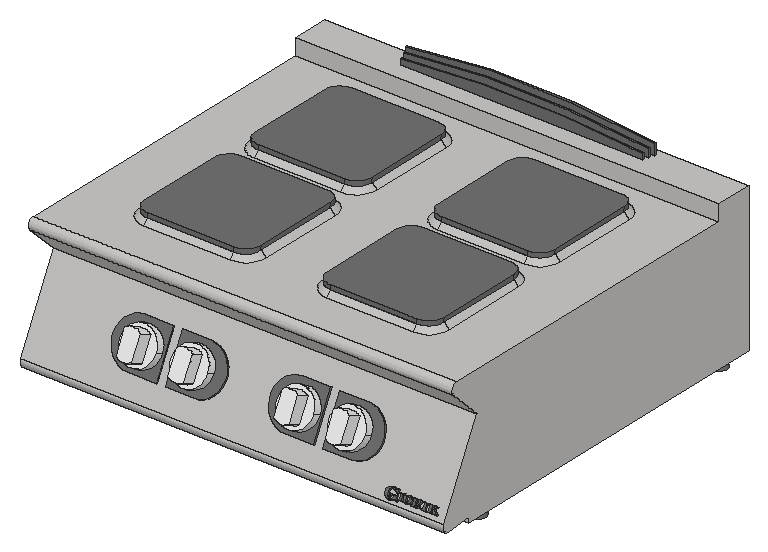
Revit family "QF_GIORIK_CE74QT", category Specialty Equipment, Revit 2014
Parameters (values of type "CE74QT")
  Weight in Pounds = 132.2772
  Watts = 10400 W
  Volts = 400 V
  URL Cutsheet = "www.giorik.com"
  URL = "www.giorik.com"
  Status [instance] = ""
  Specification by User [instance] = ""
  Specification by Manufacturer = ""
  Show Logo [instance] = yes
  Show Clearance [instance] = yes
  Serial Number = ""
  Seismic Rating = ""
  SMACNA No = ""
  Revision Code [instance] = ""
  Phase = 3
  Number of Poles [instance] = 3
  NAFEM Spec ID Number = ""
  Model = "CE74QT"
  Min Ckt Ampacity = 0 A
  Max Overcurrent Protection = 0 A
  Masterspec = ""
  Manufacturer = "GIORIK"
  Item Number [instance] = ""
  Installed By [instance] = ""
  Identify Quantity as Lot [instance] = no
  HP = "13.946608000000"
  Furnished By [instance] = ""
  Foodservice Equipment Identifier [instance] = yes
  FL Amps = 0 A
  Electrical Remarks [instance] = ""
  Electric Connection Type [instance] = ""
  Elec Conn RI Height [instance] = 0 mm
  Elec Conn Connection Height [instance] = 20 mm
  Description = "4 ELECTRIC SQUARE PLATE HOB - COUNTERTOP VERSION"
  Cycle = 50 Hz
  Conn Plug = ""
  CSI MasterFormat = ""
  Assembly Code = "E1090320"
  Apparent Power = 10400 VA
Reference planes
  plane 1 "Back": y = 0
  plane 2: z = 0
  plane 3 "Left": x = 0
  plane 4 "Right": x = 800
  plane 5 "Front": y = -720
  plane 6 "Top": z = 300
Forms (mm)
  Extrusion 1, solid, visible <- "Show Logo"
    sketch origin (591.604, -736.761, 9.486) x (-1, 0, 0) y (0, 0.452718, 0.891654)
      loop
        line (-118.824, 58.358) -> (-127.804, 58.358) -> (-125.523, 56.445) -> (-125.523, 48.027) -> (-127.804, 46.113) -> (-118.824, 46.113) -> (-121.105, 48.027) -> (-121.105, 56.445) -> (-118.824, 58.358)
      loop
        line (-163.721, 58.358) -> (-172.7, 58.358) -> (-170.42, 56.445) -> (-170.42, 48.027) -> (-172.7, 46.113) -> (-163.721, 46.113) -> (-166.001, 48.027) -> (-166.001, 56.445) -> (-163.721, 58.358)
      loop
        line (-174.332, 58.358) -> (-183.312, 58.358) -> (-181.031, 56.445) -> (-181.031, 52.435) -> (-186.419, 56.955) -> (-184.416, 58.358) -> (-191.268, 58.358) -> (-188.01, 56.839) -> (-185.455, 54.283) -> (-190.846, 47.858) -> (-193.396, 46.93) -> (-193.396, 46.113) -> (-184.416, 46.113) -> (-185.437, 47.571) -> (-182.443, 51.552) -> (-181.031, 50.894) -> (-181.031, 48.027) -> (-183.312, 46.113) -> (-174.332, 46.113) -> (-176.613, 48.027) -> (-176.613, 56.445) -> (-174.332, 58.358)
      loop
        line (-115.429, 62.063) -> (-115.429, 54.198)
        arc (-115.429, 54.198) -> (-111.618, 57.803) -> (-106.847, 59.986) r 16.039
        arc (-106.847, 59.986) -> (-103.314, 59.837) -> (-100.512, 57.68) r 5.851
        arc (-100.512, 57.68) -> (-98.815, 52.267) -> (-100.512, 46.853) r 9.479
        arc (-100.512, 46.853) -> (-102.406, 44.986) -> (-104.846, 43.93) r 7.236
        arc (-104.846, 43.93) -> (-107.728, 44.111) -> (-110.052, 45.825) r 5.11
        line (-110.052, 45.825) -> (-110.052, 52.001) -> (-116.141, 52.001) -> (-116.141, 45.503) -> (-117.893, 43.751) -> (-114.094, 44.769)
        arc (-114.094, 44.769) -> (-112.56, 44.947) -> (-111.129, 44.366) r 3.115
        arc (-111.129, 44.366) -> (-104.216, 42.091) -> (-97.303, 44.366) r 11.641
        arc (-97.303, 44.366) -> (-93.396, 52.107) -> (-97.303, 59.849) r 9.622
        arc (-97.303, 59.849) -> (-104.369, 62.174) -> (-111.435, 59.849) r 11.898
        line (-111.435, 59.849) -> (-115.429, 62.063)
      loop
        arc (-129.234, 56.068) -> (-135.893, 58.628) -> (-142.552, 56.068) r 9.941
        arc (-142.552, 56.068) -> (-144.234, 52.286) -> (-142.552, 48.505) r 5.093
        arc (-142.552, 48.505) -> (-135.893, 45.945) -> (-129.234, 48.505) r 9.941
        arc (-129.234, 48.505) -> (-127.552, 52.286) -> (-129.234, 56.068) r 5.093
      loop
        arc (-132.628, 54.403) -> (-135.893, 57.668) -> (-139.158, 54.403) r 3.265
        line (-139.158, 54.403) -> (-139.158, 50.169)
        arc (-139.158, 50.169) -> (-135.893, 46.904) -> (-132.628, 50.169) r 3.265
        line (-132.628, 50.169) -> (-132.628, 54.403)
      loop
        arc (-156.363, 58.365) -> (-159.647, 55.081) -> (-156.363, 51.796) r 3.285
        line (-156.363, 51.796) -> (-159.529, 47.306) -> (-162.087, 46.113) -> (-155.847, 46.113) -> (-153.529, 51.083) -> (-150.637, 51.083) -> (-150.637, 47.784) -> (-153.022, 46.113) -> (-144.011, 46.113) -> (-146.094, 47.68) -> (-146.094, 56.493) -> (-144.229, 58.365) -> (-156.363, 58.365)
      loop
        line (-150.637, 57.512) -> (-153.637, 57.512)
        arc (-153.637, 57.512) -> (-156.237, 54.912) -> (-153.637, 52.312) r 2.6
        line (-153.637, 52.312) -> (-150.637, 52.312) -> (-150.637, 57.512)
      loop
        line (-108.924, 52.001) -> (-104.936, 49.005) -> (-100.948, 52.001) -> (-108.924, 52.001)
    from 1.5 to -0.5
  Extrusion 2, solid
    sketch origin (0, 1000, -620) x (0, 1, 0) y (0, 0, 1)
      loop
        line (-1000, 919.988) -> (-1070, 919.988) -> (-1070, 889.988) -> (-1688.806, 889.988)
        arc (-1688.806, 889.988) -> (-1699.151, 883.075) -> (-1696.724, 870.873) r 11.197
        line (-1696.724, 870.873) -> (-1640.876, 815.025) -> (-1718.948, 661.258)
        arc (-1718.948, 661.258) -> (-1718.233, 650.105) -> (-1708.118, 645.354) r 10.981
        line (-1708.118, 645.354) -> (-1660, 649.925) -> (-1660, 640) -> (-1000, 640) -> (-1000, 919.988)
    from 0 to 800
  Extrusion 3, solid
    sketch origin (-220.755, -963.345, -547.637) x (1, 0, 0) y (0, 0.452718, 0.891654)
      loop
        line (463.221, 676.25) -> (463.221, 766.25) -> (409.698, 766.25)
        arc (409.698, 766.25) -> (364.698, 721.25) -> (409.698, 676.25) r 45
        line (409.698, 676.25) -> (463.221, 676.25)
    from 48 to 50
  Extrusion 4, solid
    sketch origin (553.797, -1008.697, -525.041) x (-1, 0, 0) y (0, -0.45351, -0.891251)
      loop
        circle (351.331, -721.346) r 35
    from 0 to 15
  Extrusion 5, solid
    sketch origin (553.797, -1008.697, -525.041) x (-1, 0, 0) y (0, -0.45351, -0.891251)
      loop
        arc (336.331, -743.846) -> (351.331, -748.846) -> (366.331, -743.846) r 25
        line (366.331, -743.846) -> (366.331, -698.846)
        arc (366.331, -698.846) -> (351.331, -693.846) -> (336.331, -698.846) r 25
        line (336.331, -698.846) -> (336.331, -743.846)
    from 15 to 40
  Extrusion 6, solid
    sketch origin (723.221, -963.345, -547.637) x (-1, 0, 0) y (0, -0.452718, -0.891654)
      loop
        line (463.221, -676.25) -> (409.698, -676.25)
        arc (409.698, -676.25) -> (364.698, -721.25) -> (409.698, -766.25) r 45
        line (409.698, -766.25) -> (463.221, -766.25) -> (463.221, -676.25)
    from 48 to 50
  Extrusion 7, solid
    sketch origin (-51.331, -1008.697, -525.041) x (1, 0, 0) y (0, 0.45351, 0.891251)
      loop
        circle (351.331, 721.346) r 35
    from 0 to 15
  Extrusion 8, solid
    sketch origin (-51.331, -1008.697, -525.041) x (1, 0, 0) y (0, 0.45351, 0.891251)
      loop
        line (336.331, 743.846) -> (336.331, 698.846)
        arc (336.331, 698.846) -> (351.331, 693.846) -> (366.331, 698.846) r 25
        line (366.331, 698.846) -> (366.331, 743.846)
        arc (366.331, 743.846) -> (351.331, 748.846) -> (336.331, 743.846) r 25
    from 15 to 40
  Extrusion 9, solid
    sketch origin (76.779, -963.345, -547.637) x (1, 0, 0) y (0, 0.452718, 0.891654)
      loop
        line (463.221, 676.25) -> (463.221, 766.25) -> (409.698, 766.25)
        arc (409.698, 766.25) -> (364.698, 721.25) -> (409.698, 676.25) r 45
        line (409.698, 676.25) -> (463.221, 676.25)
    from 48 to 50
  Extrusion 10, solid
    sketch origin (851.331, -1008.697, -525.041) x (-1, 0, 0) y (0, -0.45351, -0.891251)
      loop
        circle (351.331, -721.346) r 35
    from 0 to 15
  Extrusion 11, solid
    sketch origin (851.331, -1008.697, -525.041) x (-1, 0, 0) y (0, -0.45351, -0.891251)
      loop
        arc (336.331, -743.846) -> (351.331, -748.846) -> (366.331, -743.846) r 25
        line (366.331, -743.846) -> (366.331, -698.846)
        arc (366.331, -698.846) -> (351.331, -693.846) -> (336.331, -698.846) r 25
        line (336.331, -698.846) -> (336.331, -743.846)
    from 15 to 40
  Extrusion 12, solid
    sketch origin (1020.755, -963.345, -547.637) x (-1, 0, 0) y (0, -0.452718, -0.891654)
      loop
        line (463.221, -676.25) -> (409.698, -676.25)
        arc (409.698, -676.25) -> (364.698, -721.25) -> (409.698, -766.25) r 45
        line (409.698, -766.25) -> (463.221, -766.25) -> (463.221, -676.25)
    from 48 to 50
  Extrusion 13, solid
    sketch origin (246.203, -1008.697, -525.041) x (1, 0, 0) y (0, 0.45351, 0.891251)
      loop
        circle (351.331, 721.346) r 35
    from 0 to 15
  Extrusion 14, solid
    sketch origin (246.203, -1008.697, -525.041) x (1, 0, 0) y (0, 0.45351, 0.891251)
      loop
        line (336.331, 743.846) -> (336.331, 698.846)
        arc (336.331, 698.846) -> (351.331, 693.846) -> (366.331, 698.846) r 25
        line (366.331, 698.846) -> (366.331, 743.846)
        arc (366.331, 743.846) -> (351.331, 748.846) -> (336.331, 743.846) r 25
    from 15 to 40
  Extrusion 15, solid
    sketch origin (36.031, 0, -610.002) x (1, 0, 0) y (0, 0, 1)
      loop
        line (135, 909.989) -> (592.969, 909.989) -> (592.969, 919.989) -> (440.969, 929.989) -> (287, 929.989) -> (135, 919.989) -> (135, 909.989)
    from 32 to 35
  Extrusion 16, solid
    sketch origin (38, 10, -610.002) x (1, 0, 0) y (0, 0, 1)
      loop
        line (594, 909.989) -> (594, 924.989) -> (440, 937.489) -> (284, 937.489) -> (130, 925.001) -> (130, 909.989) -> (594, 909.989)
    from 32 to 35
  Extrusion 17, solid
    sketch origin (40, 20, -610.002) x (1, 0, 0) y (0, 0, 1)
      loop
        line (595, 909.989) -> (595, 930.001) -> (439, 945.258) -> (281, 945.258) -> (125, 929.989) -> (125, 909.989) -> (595, 909.989)
    from 32 to 35
  Extrusion 18, solid
    sketch origin (37, 2.5, 264.988) x (0, 1, 0) y (-1, 0, 0)
      loop
        arc (-121.5, -108) -> (-129.701, -88.201) -> (-149.5, -80) r 28
        line (-149.5, -80) -> (-313.5, -80)
        arc (-313.5, -80) -> (-333.299, -88.201) -> (-341.5, -108) r 28
        line (-341.5, -108) -> (-341.5, -271.998)
        arc (-341.5, -271.998) -> (-333.299, -291.797) -> (-313.5, -299.998) r 28
        line (-313.5, -299.998) -> (-149.5, -299.998)
        arc (-149.5, -299.998) -> (-129.701, -291.797) -> (-121.5, -271.998) r 28
        line (-121.5, -271.998) -> (-121.5, -108)
    from 23 to 15
  Blend 19, solid
    base sketch origin (781.36, -820.004, 269.988) x (0, 1, 0) y (-1, 0, 0)
      loop
        arc (710.004, 636.36) -> (699.167, 662.523) -> (673.004, 673.36) r 37
        line (673.004, 673.36) -> (509.004, 673.36)
        arc (509.004, 673.36) -> (482.841, 662.523) -> (472.004, 636.36) r 37
        line (472.004, 636.36) -> (472.004, 472.362)
        arc (472.004, 472.362) -> (482.841, 446.199) -> (509.004, 435.362) r 37
        line (509.004, 435.362) -> (673.004, 435.362)
        arc (673.004, 435.362) -> (699.167, 446.199) -> (710.004, 472.362) r 37
        line (710.004, 472.362) -> (710.004, 636.36)
    top sketch origin (781.36, -820.004, 300) x (0, 1, 0) y (-1, 0, 0)
      loop
        arc (701.004, 636.36) -> (692.803, 656.159) -> (673.004, 664.36) r 28
        line (673.004, 664.36) -> (509.004, 664.36)
        arc (509.004, 664.36) -> (489.205, 656.159) -> (481.004, 636.36) r 28
        line (481.004, 636.36) -> (481.004, 472.362)
        arc (481.004, 472.362) -> (489.205, 452.563) -> (509.004, 444.362) r 28
        line (509.004, 444.362) -> (673.004, 444.362)
        arc (673.004, 444.362) -> (692.803, 452.563) -> (701.004, 472.362) r 28
        line (701.004, 472.362) -> (701.004, 636.36)
    from 0 to -20.012
  Extrusion 20, solid
    sketch origin (37, -722.5, 264.988) x (0, -1, 0) y (1, 0, 0)
      loop
        line (-121.5, 108) -> (-121.5, 271.998)
        arc (-121.5, 271.998) -> (-129.701, 291.797) -> (-149.5, 299.998) r 28
        line (-149.5, 299.998) -> (-313.5, 299.998)
        arc (-313.5, 299.998) -> (-333.299, 291.797) -> (-341.5, 271.998) r 28
        line (-341.5, 271.998) -> (-341.5, 108)
        arc (-341.5, 108) -> (-333.299, 88.201) -> (-313.5, 80) r 28
        line (-313.5, 80) -> (-149.5, 80)
        arc (-149.5, 80) -> (-129.701, 88.201) -> (-121.5, 108) r 28
    from 23 to 15
  Blend 21, solid
    base sketch origin (781.36, 100.004, 269.988) x (0, -1, 0) y (1, 0, 0)
      loop
        line (710.004, -636.36) -> (710.004, -472.362)
        arc (710.004, -472.362) -> (699.167, -446.199) -> (673.004, -435.362) r 37
        line (673.004, -435.362) -> (509.004, -435.362)
        arc (509.004, -435.362) -> (482.841, -446.199) -> (472.004, -472.362) r 37
        line (472.004, -472.362) -> (472.004, -636.36)
        arc (472.004, -636.36) -> (482.841, -662.523) -> (509.004, -673.36) r 37
        line (509.004, -673.36) -> (673.004, -673.36)
        arc (673.004, -673.36) -> (699.167, -662.523) -> (710.004, -636.36) r 37
    top sketch origin (781.36, 100.004, 300) x (0, -1, 0) y (1, 0, 0)
      loop
        line (701.004, -636.36) -> (701.004, -472.362)
        arc (701.004, -472.362) -> (692.803, -452.563) -> (673.004, -444.362) r 28
        line (673.004, -444.362) -> (509.004, -444.362)
        arc (509.004, -444.362) -> (489.205, -452.563) -> (481.004, -472.362) r 28
        line (481.004, -472.362) -> (481.004, -636.36)
        arc (481.004, -636.36) -> (489.205, -656.159) -> (509.004, -664.36) r 28
        line (509.004, -664.36) -> (673.004, -664.36)
        arc (673.004, -664.36) -> (692.803, -656.159) -> (701.004, -636.36) r 28
    from 0 to -20.012
  Extrusion 22, solid
    sketch origin (763, 2.5, 264.988) x (0, 1, 0) y (-1, 0, 0)
      loop
        line (-121.5, 108) -> (-121.5, 271.998)
        arc (-121.5, 271.998) -> (-129.701, 291.797) -> (-149.5, 299.998) r 28
        line (-149.5, 299.998) -> (-313.5, 299.998)
        arc (-313.5, 299.998) -> (-333.299, 291.797) -> (-341.5, 271.998) r 28
        line (-341.5, 271.998) -> (-341.5, 108)
        arc (-341.5, 108) -> (-333.299, 88.201) -> (-313.5, 80) r 28
        line (-313.5, 80) -> (-149.5, 80)
        arc (-149.5, 80) -> (-129.701, 88.201) -> (-121.5, 108) r 28
    from 23 to 15
  Blend 23, solid
    base sketch origin (18.64, -820.004, 269.988) x (0, 1, 0) y (-1, 0, 0)
      loop
        line (710.004, -636.36) -> (710.004, -472.362)
        arc (710.004, -472.362) -> (699.167, -446.199) -> (673.004, -435.362) r 37
        line (673.004, -435.362) -> (509.004, -435.362)
        arc (509.004, -435.362) -> (482.841, -446.199) -> (472.004, -472.362) r 37
        line (472.004, -472.362) -> (472.004, -636.36)
        arc (472.004, -636.36) -> (482.841, -662.523) -> (509.004, -673.36) r 37
        line (509.004, -673.36) -> (673.004, -673.36)
        arc (673.004, -673.36) -> (699.167, -662.523) -> (710.004, -636.36) r 37
    top sketch origin (18.64, -820.004, 300) x (0, 1, 0) y (-1, 0, 0)
      loop
        line (701.004, -636.36) -> (701.004, -472.362)
        arc (701.004, -472.362) -> (692.803, -452.563) -> (673.004, -444.362) r 28
        line (673.004, -444.362) -> (509.004, -444.362)
        arc (509.004, -444.362) -> (489.205, -452.563) -> (481.004, -472.362) r 28
        line (481.004, -472.362) -> (481.004, -636.36)
        arc (481.004, -636.36) -> (489.205, -656.159) -> (509.004, -664.36) r 28
        line (509.004, -664.36) -> (673.004, -664.36)
        arc (673.004, -664.36) -> (692.803, -656.159) -> (701.004, -636.36) r 28
    from 0 to -20.012
  Extrusion 24, solid
    sketch origin (763, -722.5, 264.988) x (0, -1, 0) y (1, 0, 0)
      loop
        arc (-121.5, -108) -> (-129.701, -88.201) -> (-149.5, -80) r 28
        line (-149.5, -80) -> (-313.5, -80)
        arc (-313.5, -80) -> (-333.299, -88.201) -> (-341.5, -108) r 28
        line (-341.5, -108) -> (-341.5, -271.998)
        arc (-341.5, -271.998) -> (-333.299, -291.797) -> (-313.5, -299.998) r 28
        line (-313.5, -299.998) -> (-149.5, -299.998)
        arc (-149.5, -299.998) -> (-129.701, -291.797) -> (-121.5, -271.998) r 28
        line (-121.5, -271.998) -> (-121.5, -108)
    from 23 to 15
  Blend 25, solid
    base sketch origin (18.64, 100.004, 269.988) x (0, -1, 0) y (1, 0, 0)
      loop
        arc (710.004, 636.36) -> (699.167, 662.523) -> (673.004, 673.36) r 37
        line (673.004, 673.36) -> (509.004, 673.36)
        arc (509.004, 673.36) -> (482.841, 662.523) -> (472.004, 636.36) r 37
        line (472.004, 636.36) -> (472.004, 472.362)
        arc (472.004, 472.362) -> (482.841, 446.199) -> (509.004, 435.362) r 37
        line (509.004, 435.362) -> (673.004, 435.362)
        arc (673.004, 435.362) -> (699.167, 446.199) -> (710.004, 472.362) r 37
        line (710.004, 472.362) -> (710.004, 636.36)
    top sketch origin (18.64, 100.004, 300) x (0, -1, 0) y (1, 0, 0)
      loop
        arc (701.004, 636.36) -> (692.803, 656.159) -> (673.004, 664.36) r 28
        line (673.004, 664.36) -> (509.004, 664.36)
        arc (509.004, 664.36) -> (489.205, 656.159) -> (481.004, 636.36) r 28
        line (481.004, 636.36) -> (481.004, 472.362)
        arc (481.004, 472.362) -> (489.205, 452.563) -> (509.004, 444.362) r 28
        line (509.004, 444.362) -> (673.004, 444.362)
        arc (673.004, 444.362) -> (692.803, 452.563) -> (701.004, 472.362) r 28
        line (701.004, 472.362) -> (701.004, 636.36)
    from 0 to -20.012
  Extrusion 26, solid
    sketch origin (-4, 0, 0) x (1, 0, 0) y (0, 1, 0)
      loop
        circle (54, -385) r 12.5
    from 5 to 20
  Extrusion 27, solid
    sketch origin (543.603, 45.293, -30) x (0, 1, 0) y (-1, 0, 0)
      loop
        circle (-79.293, 516.603) r 5
    from 41.965 to 50
  Revolve 28, solid
    sketch origin (27, 49.943, -600) x (0, 1, 0) y (0, 0, 1)
      loop
        line (-83.943, 611.965) -> (-94.752, 611.965) -> (-97.943, 600) -> (-83.943, 600) -> (-83.943, 611.965)
      axis (-83.943, 611.965) -> (-83.943, 600)
    angle from 0 to 360
  Extrusion 29, solid
    sketch origin (543.603, -524.707, -30) x (0, 1, 0) y (-1, 0, 0)
      loop
        circle (-79.293, 516.603) r 5
    from 41.965 to 50
  Revolve 30, solid
    sketch origin (27, -520.057, -600) x (0, 1, 0) y (0, 0, 1)
      loop
        line (-83.943, 611.965) -> (-94.752, 611.965) -> (-97.943, 600) -> (-83.943, 600) -> (-83.943, 611.965)
      axis (-83.943, 611.965) -> (-83.943, 600)
    angle from 0 to 360
  Extrusion 31, solid
    sketch origin (256.397, 45.293, -30) x (0, 1, 0) y (-1, 0, 0)
      loop
        circle (-79.293, -516.603) r 5
    from 41.965 to 50
  Revolve 32, solid
    sketch origin (773, 49.943, -600) x (0, 1, 0) y (0, 0, -1)
      loop
        line (-83.943, -611.965) -> (-83.943, -600) -> (-97.943, -600) -> (-94.752, -611.965) -> (-83.943, -611.965)
      axis (-83.943, -611.965) -> (-83.943, -600)
    angle from 0 to 360
  Extrusion 33, solid
    sketch origin (256.397, -524.707, -30) x (0, 1, 0) y (-1, 0, 0)
      loop
        circle (-79.293, -516.603) r 5
    from 41.965 to 50
  Revolve 34, solid
    sketch origin (773, -520.057, -600) x (0, 1, 0) y (0, 0, -1)
      loop
        line (-83.943, -611.965) -> (-83.943, -600) -> (-97.943, -600) -> (-94.752, -611.965) -> (-83.943, -611.965)
      axis (-83.943, -611.965) -> (-83.943, -600)
    angle from 0 to 360
Lines and regions (mm)
  symbolic lines, style "200-EquipBorder-2D"
    curve 1: line (0, -720, 0) -> (800, -720, 0)
    curve 2: line (800, -720, 0) -> (800, 0, 0)
    curve 3: line (800, 0, 0) -> (0, 0, 0)
    curve 4: line (0, 0, 0) -> (0, -720, 0)
  symbolic lines, style "200-EquipInternal-2D"
    curve 5: line (0, -70, 300) -> (800, -70, 300)
    curve 6: line (165, -12, 900) -> (635, -12, 900)
    curve 7: line (635, -12, 900) -> (635, -15, 900)
    curve 8: line (635, -15, 900) -> (165, -15, 900)
    curve 9: line (165, -15, 900) -> (165, -12, 900)
    curve 10: line (168, -22, 900) -> (632, -22, 900)
    curve 11: line (632, -22, 900) -> (632, -25, 900)
    curve 12: line (632, -25, 900) -> (168, -25, 900)
    curve 13: line (168, -25, 900) -> (168, -22, 900)
    curve 14: line (171.031, -32, 900) -> (629, -32, 900)
    curve 15: line (629, -32, 900) -> (629, -35, 900)
    curve 16: line (629, -35, 900) -> (171.031, -35, 900)
    curve 17: line (171.031, -35, 900) -> (171.031, -32, 900)
    curve 18: line (308.998, -119, 0) -> (145, -119, 0)
    curve 19: arc (336.998, -147, 0) -> (328.797, -127.201, 0) -> (308.998, -119, 0) r 28
    curve 20: line (336.998, -311, 0) -> (336.998, -147, 0)
    curve 21: arc (308.998, -339, 0) -> (328.797, -330.799, 0) -> (336.998, -311, 0) r 28
    curve 22: line (145, -339, 0) -> (308.998, -339, 0)
    curve 23: arc (117, -311, 0) -> (125.201, -330.799, 0) -> (145, -339, 0) r 28
    curve 24: line (117, -147, 0) -> (117, -311, 0)
    curve 25: arc (145, -119, 0) -> (125.201, -127.201, 0) -> (117, -147, 0) r 28
    curve 26: arc (145, -110, 0) -> (118.837, -120.837, 0) -> (108, -147, 0) r 37
    curve 27: line (308.998, -110, 0) -> (145, -110, 0)
    curve 28: arc (345.998, -147, 0) -> (335.161, -120.837, 0) -> (308.998, -110, 0) r 37
    curve 29: line (345.998, -311, 0) -> (345.998, -147, 0)
    curve 30: arc (308.998, -348, 0) -> (335.161, -337.163, 0) -> (345.998, -311, 0) r 37
    curve 31: line (145, -348, 0) -> (308.998, -348, 0)
    curve 32: arc (108, -311, 0) -> (118.837, -337.163, 0) -> (145, -348, 0) r 37
    curve 33: line (108, -147, 0) -> (108, -311, 0)
    curve 34: line (308.998, -601, 0) -> (145, -601, 0)
    curve 35: arc (336.998, -573, 0) -> (328.797, -592.799, 0) -> (308.998, -601, 0) r 28
    curve 36: line (336.998, -409, 0) -> (336.998, -573, 0)
    curve 37: arc (308.998, -381, 0) -> (328.797, -389.201, 0) -> (336.998, -409, 0) r 28
    curve 38: line (145, -381, 0) -> (308.998, -381, 0)
    curve 39: arc (117, -409, 0) -> (125.201, -389.201, 0) -> (145, -381, 0) r 28
    curve 40: line (117, -573, 0) -> (117, -409, 0)
    curve 41: arc (145, -601, 0) -> (125.201, -592.799, 0) -> (117, -573, 0) r 28
    curve 42: arc (145, -610, 0) -> (118.837, -599.163, 0) -> (108, -573, 0) r 37
    curve 43: line (308.998, -610, 0) -> (145, -610, 0)
    curve 44: arc (345.998, -573, 0) -> (335.161, -599.163, 0) -> (308.998, -610, 0) r 37
    curve 45: line (345.998, -409, 0) -> (345.998, -573, 0)
    curve 46: arc (308.998, -372, 0) -> (335.161, -382.837, 0) -> (345.998, -409, 0) r 37
    curve 47: line (145, -372, 0) -> (308.998, -372, 0)
    curve 48: arc (108, -409, 0) -> (118.837, -382.837, 0) -> (145, -372, 0) r 37
    curve 49: line (108, -573, 0) -> (108, -409, 0)
    curve 50: line (491.002, -119, 0) -> (655, -119, 0)
    curve 51: arc (463.002, -147, 0) -> (471.203, -127.201, 0) -> (491.002, -119, 0) r 28
    curve 52: line (463.002, -311, 0) -> (463.002, -147, 0)
    curve 53: arc (491.002, -339, 0) -> (471.203, -330.799, 0) -> (463.002, -311, 0) r 28
    curve 54: line (655, -339, 0) -> (491.002, -339, 0)
    curve 55: arc (683, -311, 0) -> (674.799, -330.799, 0) -> (655, -339, 0) r 28
    curve 56: line (683, -147, 0) -> (683, -311, 0)
    curve 57: arc (655, -119, 0) -> (674.799, -127.201, 0) -> (683, -147, 0) r 28
    curve 58: arc (655, -110, 0) -> (681.163, -120.837, 0) -> (692, -147, 0) r 37
    curve 59: line (491.002, -110, 0) -> (655, -110, 0)
    curve 60: arc (454.002, -147, 0) -> (464.839, -120.837, 0) -> (491.002, -110, 0) r 37
    curve 61: line (454.002, -311, 0) -> (454.002, -147, 0)
    curve 62: arc (491.002, -348, 0) -> (464.839, -337.163, 0) -> (454.002, -311, 0) r 37
    curve 63: line (655, -348, 0) -> (491.002, -348, 0)
    curve 64: arc (692, -311, 0) -> (681.163, -337.163, 0) -> (655, -348, 0) r 37
    curve 65: line (692, -147, 0) -> (692, -311, 0)
    curve 66: line (491.002, -601, 0) -> (655, -601, 0)
    curve 67: arc (463.002, -573, 0) -> (471.203, -592.799, 0) -> (491.002, -601, 0) r 28
    curve 68: line (463.002, -409, 0) -> (463.002, -573, 0)
    curve 69: arc (491.002, -381, 0) -> (471.203, -389.201, 0) -> (463.002, -409, 0) r 28
    curve 70: line (655, -381, 0) -> (491.002, -381, 0)
    curve 71: arc (683, -409, 0) -> (674.799, -389.201, 0) -> (655, -381, 0) r 28
    curve 72: line (683, -573, 0) -> (683, -409, 0)
    curve 73: arc (655, -601, 0) -> (674.799, -592.799, 0) -> (683, -573, 0) r 28
    curve 74: arc (655, -610, 0) -> (681.163, -599.163, 0) -> (692, -573, 0) r 37
    curve 75: line (491.002, -610, 0) -> (655, -610, 0)
    curve 76: arc (454.002, -573, 0) -> (464.839, -599.163, 0) -> (491.002, -610, 0) r 37
    curve 77: line (454.002, -409, 0) -> (454.002, -573, 0)
    curve 78: arc (491.002, -372, 0) -> (464.839, -382.837, 0) -> (454.002, -409, 0) r 37
    curve 79: line (655, -372, 0) -> (491.002, -372, 0)
    curve 80: arc (692, -409, 0) -> (681.163, -382.837, 0) -> (655, -372, 0) r 37
    curve 81: line (692, -573, 0) -> (692, -409, 0)
Dimensions and locks
  plane 3 "Left" to plane 4 "Right" = 800 mm
  plane 5 "Front" to plane 1 "Back" = 720 mm
  plane 4 "Right" to plane 3 "Left" = 800 mm
  plane 1 "Back" to plane 5 "Front" = 720 mm
  plane 6 "Top" to level = 300 mm  (x2)
  aligned and locked: level to plane 2
Connectors
  electrical at (50, -385, 5), driven by "Apparent Power", driven by "Volts", driven by "Number of Poles"
    settings: on Extrusion 26, index 2, voltage 400 V, apparent load 0 VA, apparent load phase1 10400 VA, apparent load phase2 0 VA, apparent load phase3 0 VA, power factor 1, load classification "Other", number of poles 3, system type 31, power factor state 1, is connector primary yes, connector utility no, sub classification motor no, connector description "Electrical connection"
